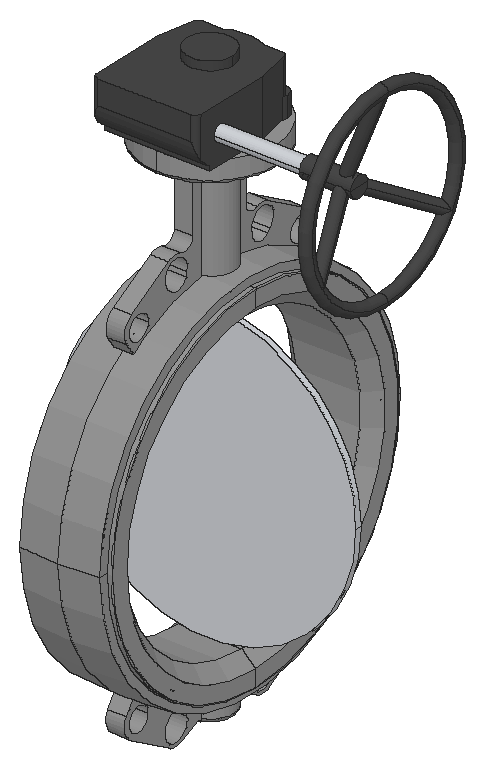
Revit family "Запорно-регулирующая заслонка с ручным редукторным приводом ZF-4219", category Rohrzubehör, Revit 2018
Family settings
  Bemaßung runder Anschluss = Durchmesser verwenden
  Teiletyp = Unterbricht
  Arbeitsebenenbasiert = Nein
  Immer vertikal = Ja
  Beim Laden mit Abzugskörper schneiden = Nein
  Gemeinsam genutzt = Nein
Parameters
  Шпиндель = "Нержавеющая сталь ASTM-A276 / Type 316"  # constant formula
  Фланцевое соединение = "В соответствии с EN1092-2"  # constant formula
  Уплотнение корпуса = "EPDM в соответствии с ISO 1691"  # constant formula
  Среда = "Качество теплоносителя в соответствии с ÖNORM H5195 и/или предписаниями VDI 2035.\r\nРазрешается использование смеси этилен или пропиленгликоля в соотношении 25-50% с водой."
  Область применения = "Применяются в системах тепло- и холодоснабжения."
  Номер заказа [instance] = size_lookup("4219_ZF_G", "Artnr", 1421901, Nennweite)  # 1421969
  Макс. рабочая температура = 110 °C  # constant formula
  Крутящий момент в Нм [instance] = size_lookup("4219_ZF_G", "NM", 350, Nennweite)  # 350
  Корпус = "Чугун GG, GJS-250/JL1040, в соответствии с EN1561"  # constant formula
  Диск = "Нержавеющая сталь 1.4408"  # constant formula
  Вес [instance] = size_lookup("4219_ZF_G", "M", 37.6, Nennweite)  # 37.6
  URL = "www.herz-armaturen.at"
  Болты PN16 [instance] = if(Nennweite = 50 mm, "4x M16x100", if(Nennweite = 65 mm, "4x M16x100", if(Nennweite = 80 mm, "8x M16x100", if(Nennweite = 100 mm, "8x M16x110", if(Nennweite = 125 mm, "8x M16x120", if(Nennweite = 150 mm, "8x M20x120", if(Nennweite = 200 mm, "12x M20x130", if(Nennweite = 250 mm, "12x M24x140", "12x M24x160"))))))))  # "12x M24x160"
  Болты PN 6 [instance] = if(Nennweite = 50 mm, "4x M12x100", if(Nennweite = 65 mm, "4x M12x100", if(Nennweite = 80 mm, "4x M16x100", if(Nennweite = 100 mm, "4x M16x100", if(Nennweite = 125 mm, "8x M16x110", if(Nennweite = 150 mm, "8x M16x110", if(Nennweite = 200 mm, "--", if(Nennweite = 250 mm, "12x M16x130", "12xM16x140"))))))))  # "12xM16x140"
  Болты PN10 [instance] = if(Nennweite = 50 mm, "4x M16x100", if(Nennweite = 65 mm, "4x M16x100", if(Nennweite = 80 mm, "4x M16x100", if(Nennweite = 100 mm, "4x M16x110", if(Nennweite = 125 mm, "8x M16x120", if(Nennweite = 150 mm, "8x M20x120", if(Nennweite = 200 mm, "8x M20x130", if(Nennweite = 250 mm, "12x M20x130", "12x M20x150"))))))))  # "12x M20x150"
  SCTWSEQ = "FW;SBT_TYP_FW=\"101\";2"
  SCTWCODE = "04;07;02"  # constant formula
  SCRNSEQ = "ARM;ARM_TYP=\"ALLF\";2"
  SCRNCODE = "05;13;02"  # constant formula
  R_Dichtung = 1.5 mm  # constant formula
  PN16 [instance] = or(Nennweite = 50 mm, Nennweite = 65 mm, Nennweite = 80 mm, Nennweite = 100 mm, Nennweite = 125 mm, Nennweite = 150 mm, Nennweite = 200 mm, Nennweite = 250 mm, Nennweite = 300 mm)  # yes
  PN10 [instance] = or(Nennweite = 50 mm, Nennweite = 65 mm, Nennweite = 80 mm, Nennweite = 100 mm, Nennweite = 125 mm, Nennweite = 150 mm, Nennweite = 200 mm, Nennweite = 250 mm, Nennweite = 300 mm)  # yes
  PN 6 [instance] = or(Nennweite = 50 mm, Nennweite = 65 mm, Nennweite = 80 mm, Nennweite = 100 mm, Nennweite = 125 mm, Nennweite = 150 mm, Nennweite = 250 mm, Nennweite = 300 mm)  # yes
  PN [instance] = 16  # constant formula
  O-Ring = "EPDM в соответствии с ISO 1691"  # constant formula
  Nennweite [instance] = 300 mm
  Мин. рабочая температура = "-20.00 °C при соответствующей водно-гликолевой смеси"  # constant formula
  LO1 [instance] = R05 + 10 mm  # 193 mm
  L16 [instance] = L01 - L13  # 299 mm
  L15 [instance] = L01 + L12  # 328 mm
  L14 [instance] = size_lookup("4219_ZF_G", "L_14", 44.4 mm, Nennweite)  # 89.4 mm
  L13 [instance] = size_lookup("4219_ZF_G", "L_13", 15 mm, Nennweite)  # 9 mm
  L12 [instance] = size_lookup("4219_ZF_G", "L_12", 15 mm, Nennweite)  # 20 mm
  L11 [instance] = size_lookup("4219_ZF_G", "L_11", 15 mm, Nennweite)  # 23 mm
  L10 [instance] = size_lookup("4219_ZF_G", "L_10", 16 mm, Nennweite)  # 16 mm
  L09 [instance] = size_lookup("4219_ZF_G", "L9", 29 mm, Nennweite)  # 61 mm
  L08 [instance] = size_lookup("4219_ZF_G", "L8", 43 mm, Nennweite)  # 78 mm
  L07 [instance] = size_lookup("4219_ZF_G", "L7", 3.5 mm, Nennweite)  # 4.5 mm
  L06 [instance] = size_lookup("4219_ZF_G", "L6", 18 mm, Nennweite)  # 44 mm
  L05 [instance] = size_lookup("4219_ZF_G", "L5", 35 mm, Nennweite)  # 67 mm
  L04 [instance] = size_lookup("4219_ZF_G", "L4", 35 mm, Nennweite)  # 17.5 mm
  L03 [instance] = size_lookup("4219_ZF_G", "L3", 35 mm, Nennweite)  # 207.5 mm
  L02 [instance] = size_lookup("4219_ZF_G", "L2", 35 mm, Nennweite)  # 122 mm
  L01 [instance] = size_lookup("4219_ZF_G", "L1", 35 mm, Nennweite)  # 308 mm
  Hersteller = "HERZ Armaturen Ges.m.b.H."  # constant formula
  H [instance] = size_lookup("4219_ZF_G", "H1", 9 mm, Nennweite)  # 22 mm
  DN300 [instance] = Nennweite = 300 mm  # yes
  DN250 [instance] = Nennweite = 250 mm  # no
  DN200 [instance] = Nennweite = 200 mm  # no
  DN150 [instance] = Nennweite = 150 mm  # no
  DN125 [instance] = Nennweite = 125 mm  # no
  DN100 [instance] = Nennweite = 100 mm  # no
  DN 80 [instance] = Nennweite = 80 mm  # no
  DN 65 [instance] = Nennweite = 65 mm  # no
  DN 50 [instance] = Nennweite = 50 mm  # no
  BD [instance] = size_lookup("4219_ZF_G", "DB", 24 mm, Nennweite)  # 290 mm
  D09 [instance] = size_lookup("4219_ZF_G", "D9", 24 mm, Nennweite)  # 145 mm
  D08 [instance] = size_lookup("4219_ZF_G", "D8", 47 mm, Nennweite)  # 18 mm
  D07 [instance] = size_lookup("4219_ZF_G", "D7", 47 mm, Nennweite)  # 37.5 mm
  D06 [instance] = size_lookup("4219_ZF_G", "D6", 47 mm, Nennweite)  # 65 mm
  R05 [instance] = size_lookup("4219_ZF_G", "D5", 47 mm, Nennweite)  # 183 mm
  D05 [instance] = R05 * 2  # 366 mm
  D04 [instance] = size_lookup("4219_ZF_G", "D4", 41 mm, Nennweite)  # 175 mm
  D03 [instance] = size_lookup("4219_ZF_G", "D3", 35.5 mm, Nennweite)  # 167.5 mm
  R01 [instance] = size_lookup("4219_ZF_G", "D1", 28 mm, Nennweite)  # 154.5 mm
  R02 [instance] = size_lookup("4219_ZF_G", "D2", 30 mm, Nennweite)  # 156.5 mm
Reference planes
  plane 1 "Mitte (Vorne/hinten)": y = 0
  plane 2: z = 0
  plane 3 "Mitte (Links/rechts)": x = 0
Forms (mm)
  Revolve 1, solid, material "Herz-Metall-blau", detail levels fine
    sketch origin (0, 0, 0) x (1, 0, 0) y (0, 1, 0)
      loop
        line (0, 185.241) -> (-39, 183) -> (-39, 175) -> (-30.5, 175) -> (-30.5, 167.5) -> (-32, 167.5)
        arc (-32, 167.5) -> (-33.061, 167.061) -> (-33.5, 166) r 1.5
        line (-33.5, 166) -> (-33.5, 156.824)
        arc (-33.5, 156.824) -> (-33.229, 155.964) -> (-32.513, 155.415) r 1.5
        line (-32.513, 155.415) -> (-29, 154.5) -> (-22, 154.5) -> (-22, 156.5) -> (22, 156.5) -> (22, 154.5) -> (29, 154.5) -> (32.513, 155.415)
        arc (32.513, 155.415) -> (33.229, 155.964) -> (33.5, 156.824) r 1.5
        line (33.5, 156.824) -> (33.5, 166)
        arc (33.5, 166) -> (33.061, 167.061) -> (32, 167.5) r 1.5
        line (32, 167.5) -> (30.5, 167.5) -> (30.5, 175) -> (39, 175) -> (39, 183) -> (0, 185.241)
      axis (39, 0) -> (-39, 0)
    angle from 0 to 360
  Extrusion 2, solid, material "Herz-Metall-blau", visible <- "DN 50", detail levels fine
    sketch origin (0, 0, 0) x (0, 1, 0) y (0, 0, 1)
      loop
        line (20, 54.051) -> (20.008, 111.113) -> (16.897, 110.952)
        arc (16.897, 110.952) -> (15.55, 110.331) -> (15, 108.954) r 2
        line (15, 108.954) -> (15, 44.542)
        arc (15, 44.542) -> (31.465, 34.913) -> (42.748, 19.534) r 47
        arc (42.748, 19.534) -> (42.633, 20.873) -> (43.392, 21.983) r 2
        line (43.392, 21.983) -> (54.714, 30.209)
        arc (54.714, 30.209) -> (56.569, 56.569) -> (30.209, 54.714) r 17.5
        line (30.209, 54.714) -> (27.87, 51.494)
        arc (27.87, 51.494) -> (23.006, 49.914) -> (20, 54.051) r 4.35
      loop
        arc (32.065, 41.998) -> (33.588, 33.588) -> (41.998, 32.065) r 7.5
        line (41.998, 32.065) -> (48.502, 35.17)
        arc (48.502, 35.17) -> (51.265, 51.265) -> (35.17, 48.502) r 10
        line (35.17, 48.502) -> (32.065, 41.998)
      loop
        arc (-20, 54.051) -> (-23.006, 49.914) -> (-27.87, 51.494) r 4.35
        line (-27.87, 51.494) -> (-30.209, 54.714)
        arc (-30.209, 54.714) -> (-56.569, 56.569) -> (-54.714, 30.209) r 17.5
        line (-54.714, 30.209) -> (-43.392, 21.983)
        arc (-43.392, 21.983) -> (-42.633, 20.873) -> (-42.748, 19.534) r 2
        arc (-42.748, 19.534) -> (-31.465, 34.913) -> (-15, 44.542) r 47
        line (-15, 44.542) -> (-15, 108.954)
        arc (-15, 108.954) -> (-15.55, 110.331) -> (-16.897, 110.952) r 2
        line (-16.897, 110.952) -> (-20.008, 111.113) -> (-20, 54.051)
      loop
        line (-32.065, 41.998) -> (-35.17, 48.502)
        arc (-35.17, 48.502) -> (-51.265, 51.265) -> (-48.502, 35.17) r 10
        line (-48.502, 35.17) -> (-41.998, 32.065)
        arc (-41.998, 32.065) -> (-33.588, 33.588) -> (-32.065, 41.998) r 7.5
      loop
        line (32.065, -41.998) -> (35.17, -48.502)
        arc (35.17, -48.502) -> (51.265, -51.265) -> (48.502, -35.17) r 10
        line (48.502, -35.17) -> (41.998, -32.065)
        arc (41.998, -32.065) -> (33.588, -33.588) -> (32.065, -41.998) r 7.5
      loop
        line (54.714, -30.209) -> (43.392, -21.983)
        arc (43.392, -21.983) -> (42.633, -20.873) -> (42.748, -19.534) r 2
        arc (42.748, -19.534) -> (33.234, -33.234) -> (19.534, -42.748) r 47
        arc (19.534, -42.748) -> (20.873, -42.633) -> (21.983, -43.392) r 2
        line (21.983, -43.392) -> (30.209, -54.714)
        arc (30.209, -54.714) -> (56.569, -56.569) -> (54.714, -30.209) r 17.5
      loop
        arc (-32.065, -41.998) -> (-33.588, -33.588) -> (-41.998, -32.065) r 7.5
        line (-41.998, -32.065) -> (-48.502, -35.17)
        arc (-48.502, -35.17) -> (-51.265, -51.265) -> (-35.17, -48.502) r 10
        line (-35.17, -48.502) -> (-32.065, -41.998)
      loop
        arc (-54.714, -30.209) -> (-56.569, -56.569) -> (-30.209, -54.714) r 17.5
        line (-30.209, -54.714) -> (-21.983, -43.392)
        arc (-21.983, -43.392) -> (-20.873, -42.633) -> (-19.534, -42.748) r 2
        arc (-19.534, -42.748) -> (-33.234, -33.234) -> (-42.748, -19.534) r 47
        arc (-42.748, -19.534) -> (-42.633, -20.873) -> (-43.392, -21.983) r 2
        line (-43.392, -21.983) -> (-54.714, -30.209)
    from -4.5 to 4.5
  Extrusion 3, solid, material "Herz-Metall-blau", visible <- "DN 65", detail levels fine
    sketch origin (0, 0, 0) x (0, 1, 0) y (0, 0, 1)
      loop
        arc (51.659, 21.619) -> (51.541, 22.778) -> (52.089, 23.805) r 2
        line (52.089, 23.805) -> (65.407, 37.123)
        arc (65.407, 37.123) -> (65.407, 65.407) -> (37.123, 65.407) r 20
        line (37.123, 65.407) -> (29.414, 57.699)
        arc (29.414, 57.699) -> (27.235, 57.265) -> (26, 59.113) r 2
        line (26, 59.113) -> (26, 136.154) -> (19.897, 135.838)
        arc (19.897, 135.838) -> (18.55, 135.218) -> (18, 133.841) r 2
        line (18, 133.841) -> (18, 53.028)
        arc (18, 53.028) -> (38.206, 40.942) -> (51.659, 21.619) r 56
      loop
        arc (55.637, 42.831) -> (57.983, 57.983) -> (42.831, 55.637) r 9.5
        line (42.831, 55.637) -> (39.647, 48.983)
        arc (39.647, 48.983) -> (41.012, 41.012) -> (48.983, 39.647) r 7
        line (48.983, 39.647) -> (55.637, 42.831)
      loop
        arc (51.659, -21.619) -> (39.598, -39.598) -> (21.619, -51.659) r 56
        arc (21.619, -51.659) -> (22.778, -51.541) -> (23.805, -52.089) r 2
        line (23.805, -52.089) -> (37.123, -65.407)
        arc (37.123, -65.407) -> (65.407, -65.407) -> (65.407, -37.123) r 20
        line (65.407, -37.123) -> (52.089, -23.805)
        arc (52.089, -23.805) -> (51.541, -22.778) -> (51.659, -21.619) r 2
      loop
        line (55.637, -42.831) -> (48.983, -39.647)
        arc (48.983, -39.647) -> (41.012, -41.012) -> (39.647, -48.983) r 7
        line (39.647, -48.983) -> (42.831, -55.637)
        arc (42.831, -55.637) -> (57.983, -57.983) -> (55.637, -42.831) r 9.5
      loop
        arc (-51.659, -21.619) -> (-51.541, -22.778) -> (-52.089, -23.805) r 2
        line (-52.089, -23.805) -> (-65.407, -37.123)
        arc (-65.407, -37.123) -> (-65.407, -65.407) -> (-37.123, -65.407) r 20
        line (-37.123, -65.407) -> (-23.805, -52.089)
        arc (-23.805, -52.089) -> (-22.778, -51.541) -> (-21.619, -51.659) r 2
        arc (-21.619, -51.659) -> (-39.598, -39.598) -> (-51.659, -21.619) r 56
      loop
        arc (-55.637, -42.831) -> (-57.983, -57.983) -> (-42.831, -55.637) r 9.5
        line (-42.831, -55.637) -> (-39.647, -48.983)
        arc (-39.647, -48.983) -> (-41.012, -41.012) -> (-48.983, -39.647) r 7
        line (-48.983, -39.647) -> (-55.637, -42.831)
      loop
        arc (-51.659, 21.619) -> (-38.206, 40.942) -> (-18, 53.028) r 56
        line (-18, 53.028) -> (-18, 133.838)
        arc (-18, 133.838) -> (-18.55, 135.215) -> (-19.897, 135.835) r 2
        line (-19.897, 135.835) -> (-26, 136.151) -> (-26, 59.113)
        arc (-26, 59.113) -> (-27.235, 57.265) -> (-29.414, 57.699) r 2
        line (-29.414, 57.699) -> (-37.123, 65.407)
        arc (-37.123, 65.407) -> (-65.407, 65.407) -> (-65.407, 37.123) r 20
        line (-65.407, 37.123) -> (-52.089, 23.805)
        arc (-52.089, 23.805) -> (-51.541, 22.778) -> (-51.659, 21.619) r 2
      loop
        line (-55.637, 42.831) -> (-48.983, 39.647)
        arc (-48.983, 39.647) -> (-41.012, 41.012) -> (-39.647, 48.983) r 7
        line (-39.647, 48.983) -> (-42.831, 55.637)
        arc (-42.831, 55.637) -> (-57.983, 57.983) -> (-55.637, 42.831) r 9.5
    from -4.5 to 4.5
  Extrusion 4, solid, material "Herz-Metall-blau", visible <- "DN 80", detail levels fine
    sketch origin (0, 0, 0) x (0, 1, 0) y (0, 0, 1)
      loop
        line (26, 143.161) -> (20.397, 142.871)
        arc (20.397, 142.871) -> (19.05, 142.251) -> (18.5, 140.874) r 2
        line (18.5, 140.874) -> (18.5, 62.833)
        arc (18.5, 62.833) -> (41.296, 50.842) -> (57.706, 30.989) r 65.5
        arc (57.706, 30.989) -> (57.482, 32.176) -> (57.983, 33.275) r 2
        line (57.983, 33.275) -> (67.23, 43.52)
        arc (67.23, 43.52) -> (70.328, 54.798) -> (65.407, 65.407) r 17
        line (65.407, 65.407) -> (42.005, 86.53)
        arc (42.005, 86.53) -> (37.832, 89.302) -> (33.031, 90.738) r 17
        arc (33.031, 90.738) -> (27.974, 93.895) -> (26, 99.52) r 9
        line (26, 99.52) -> (26, 143.161)
      loop
        circle (30.615, 73.91) r 9.5
      loop
        circle (53.387, 53.387) r 9.5
      loop
        arc (57.706, -30.989) -> (41.296, -50.842) -> (18.5, -62.833) r 65.5
        line (18.5, -62.833) -> (18.5, -85.837)
        arc (18.5, -85.837) -> (30.113, -90.903) -> (42.005, -86.53) r 17
        line (42.005, -86.53) -> (65.407, -65.407)
        arc (65.407, -65.407) -> (70.328, -54.798) -> (67.23, -43.52) r 17
        line (67.23, -43.52) -> (57.983, -33.275)
        arc (57.983, -33.275) -> (57.482, -32.176) -> (57.706, -30.989) r 2
      loop
        circle (30.615, -73.91) r 9.5
      loop
        circle (53.387, -53.387) r 9.5
      loop
        arc (-57.706, -30.989) -> (-57.482, -32.176) -> (-57.983, -33.275) r 2
        line (-57.983, -33.275) -> (-67.23, -43.52)
        arc (-67.23, -43.52) -> (-70.328, -54.798) -> (-65.407, -65.407) r 17
        line (-65.407, -65.407) -> (-42.005, -86.53)
        arc (-42.005, -86.53) -> (-30.113, -90.903) -> (-18.5, -85.837) r 17
        line (-18.5, -85.837) -> (-18.5, -62.833)
        arc (-18.5, -62.833) -> (-41.296, -50.842) -> (-57.706, -30.989) r 65.5
      loop
        circle (-30.615, -73.91) r 9.5
      loop
        circle (-53.387, -53.387) r 9.5
      loop
        line (-26, 143.179) -> (-26, 99.52)
        arc (-26, 99.52) -> (-27.974, 93.895) -> (-33.031, 90.738) r 9
        arc (-33.031, 90.738) -> (-37.832, 89.302) -> (-42.005, 86.53) r 17
        line (-42.005, 86.53) -> (-65.407, 65.407)
        arc (-65.407, 65.407) -> (-70.328, 54.798) -> (-67.23, 43.52) r 17
        line (-67.23, 43.52) -> (-57.983, 33.275)
        arc (-57.983, 33.275) -> (-57.482, 32.176) -> (-57.706, 30.989) r 2
        arc (-57.706, 30.989) -> (-41.296, 50.842) -> (-18.5, 62.833) r 65.5
        line (-18.5, 62.833) -> (-18.5, 140.891)
        arc (-18.5, 140.891) -> (-19.05, 142.268) -> (-20.397, 142.888) r 2
        line (-20.397, 142.888) -> (-26, 143.179)
      loop
        circle (-30.615, 73.91) r 9.5
      loop
        circle (-53.387, 53.387) r 9.5
    from -4.5 to 4.5
  Extrusion 5, solid, material "Herz-Metall-blau", visible <- "DN100", detail levels fine
    sketch origin (0, 0, 0) x (0, 1, 0) y (0, 0, 1)
      loop
        line (64.131, 38.887) -> (73.681, 49.873)
        arc (73.681, 49.873) -> (77.063, 61.29) -> (72.125, 72.125) r 17
        line (72.125, 72.125) -> (45.809, 95.79)
        arc (45.809, 95.79) -> (41.366, 98.675) -> (36.25, 100.053) r 17
        arc (36.25, 100.053) -> (28.882, 104.596) -> (26, 112.759) r 13
        line (26, 112.759) -> (26, 166.173) -> (20.397, 165.883)
        arc (20.397, 165.883) -> (19.05, 165.263) -> (18.5, 163.886) r 2
        line (18.5, 163.886) -> (18.5, 72.683)
        arc (18.5, 72.683) -> (44.637, 60.27) -> (64.131, 38.887) r 75
      loop
        circle (60.104, 60.104) r 9.5
      loop
        circle (34.442, 83.149) r 9.5
      loop
        arc (64.131, -38.887) -> (44.637, -60.27) -> (18.5, -72.683) r 75
        line (18.5, -72.683) -> (18.5, -95.329)
        arc (18.5, -95.329) -> (21.473, -95.603) -> (24.233, -96.743) r 10
        arc (24.233, -96.743) -> (35.191, -100.133) -> (45.809, -95.79) r 17
        line (45.809, -95.79) -> (72.125, -72.125)
        arc (72.125, -72.125) -> (77.063, -61.29) -> (73.681, -49.873) r 17
        line (73.681, -49.873) -> (64.131, -38.887)
      loop
        circle (60.104, -60.104) r 9.5
      loop
        circle (34.442, -83.149) r 9.5
      loop
        line (-64.131, -38.887) -> (-73.681, -49.873)
        arc (-73.681, -49.873) -> (-77.063, -61.29) -> (-72.125, -72.125) r 17
        line (-72.125, -72.125) -> (-45.809, -95.79)
        arc (-45.809, -95.79) -> (-35.191, -100.133) -> (-24.233, -96.743) r 17
        arc (-24.233, -96.743) -> (-21.473, -95.603) -> (-18.5, -95.329) r 10
        line (-18.5, -95.329) -> (-18.5, -72.683)
        arc (-18.5, -72.683) -> (-44.637, -60.27) -> (-64.131, -38.887) r 75
      loop
        circle (-60.104, -60.104) r 9.5
      loop
        circle (-34.442, -83.149) r 9.5
      loop
        arc (-64.131, 38.887) -> (-44.637, 60.27) -> (-18.5, 72.683) r 75
        line (-18.5, 72.683) -> (-18.5, 163.876)
        arc (-18.5, 163.876) -> (-19.05, 165.253) -> (-20.397, 165.873) r 2
        line (-20.397, 165.873) -> (-26, 166.164) -> (-26, 112.759)
        arc (-26, 112.759) -> (-28.882, 104.596) -> (-36.25, 100.053) r 13
        arc (-36.25, 100.053) -> (-41.366, 98.675) -> (-45.809, 95.79) r 17
        line (-45.809, 95.79) -> (-72.125, 72.125)
        arc (-72.125, 72.125) -> (-77.063, 61.29) -> (-73.681, 49.873) r 17
        line (-73.681, 49.873) -> (-64.131, 38.887)
      loop
        circle (-60.104, 60.104) r 9.5
      loop
        circle (-34.442, 83.149) r 9.5
    from -4.5 to 4.5
  Extrusion 6, solid, material "Herz-Metall-blau", visible <- "DN125", detail levels fine
    sketch origin (0, 0, 0) x (0, 1, 0) y (0, 0, 1)
      loop
        arc (75.229, 48.945) -> (74.917, 50.244) -> (75.492, 51.45) r 2
        line (75.492, 51.45) -> (82.731, 58.69)
        arc (82.731, 58.69) -> (87.711, 70.711) -> (82.731, 82.731) r 17
        line (82.731, 82.731) -> (51.291, 109.875)
        arc (51.291, 109.875) -> (46.108, 112.941) -> (40.182, 114.007) r 17
        line (40.182, 114.007) -> (38, 114.007)
        arc (38, 114.007) -> (29.515, 117.522) -> (26, 126.007) r 12
        line (26, 126.007) -> (26, 185.157) -> (20.397, 184.867)
        arc (20.397, 184.867) -> (19.05, 184.246) -> (18.5, 182.869) r 2
        line (18.5, 182.869) -> (18.5, 87.823)
        arc (18.5, 87.823) -> (50.736, 74.033) -> (75.229, 48.945) r 89.75
      loop
        circle (40.182, 97.007) r 9.5
      loop
        circle (70.711, 70.711) r 9.5
      loop
        arc (75.229, -48.945) -> (50.736, -74.033) -> (18.5, -87.823) r 89.75
        line (18.5, -87.823) -> (18.5, -108.431)
        arc (18.5, -108.431) -> (24.248, -107.655) -> (29.46, -110.2) r 10
        arc (29.46, -110.2) -> (40.434, -114.005) -> (51.291, -109.875) r 17
        line (51.291, -109.875) -> (82.731, -82.731)
        arc (82.731, -82.731) -> (87.711, -70.711) -> (82.731, -58.69) r 17
        line (82.731, -58.69) -> (75.492, -51.45)
        arc (75.492, -51.45) -> (74.917, -50.244) -> (75.229, -48.945) r 2
      loop
        circle (40.182, -97.007) r 9.5
      loop
        circle (70.711, -70.711) r 9.5
      loop
        arc (-75.229, -48.945) -> (-74.917, -50.244) -> (-75.492, -51.45) r 2
        line (-75.492, -51.45) -> (-82.731, -58.69)
        arc (-82.731, -58.69) -> (-87.711, -70.711) -> (-82.731, -82.731) r 17
        line (-82.731, -82.731) -> (-51.291, -109.875)
        arc (-51.291, -109.875) -> (-40.434, -114.005) -> (-29.46, -110.2) r 17
        arc (-29.46, -110.2) -> (-24.248, -107.655) -> (-18.5, -108.431) r 10
        line (-18.5, -108.431) -> (-18.5, -87.823)
        arc (-18.5, -87.823) -> (-50.736, -74.033) -> (-75.229, -48.945) r 89.75
      loop
        circle (-40.182, -97.007) r 9.5
      loop
        circle (-70.711, -70.711) r 9.5
      loop
        arc (-75.229, 48.945) -> (-50.736, 74.033) -> (-18.5, 87.823) r 89.75
        line (-18.5, 87.823) -> (-18.5, 182.852)
        arc (-18.5, 182.852) -> (-19.05, 184.23) -> (-20.397, 184.85) r 2
        line (-20.397, 184.85) -> (-26, 185.14) -> (-26, 126.007)
        arc (-26, 126.007) -> (-29.515, 117.522) -> (-38, 114.007) r 12
        line (-38, 114.007) -> (-40.182, 114.007)
        arc (-40.182, 114.007) -> (-46.108, 112.941) -> (-51.291, 109.875) r 17
        line (-51.291, 109.875) -> (-82.731, 82.731)
        arc (-82.731, 82.731) -> (-87.711, 70.711) -> (-82.731, 58.69) r 17
        line (-82.731, 58.69) -> (-75.492, 51.45)
        arc (-75.492, 51.45) -> (-74.917, 50.244) -> (-75.229, 48.945) r 2
      loop
        circle (-40.182, 97.007) r 9.5
      loop
        circle (-70.711, 70.711) r 9.5
    from -6 to 6
  Extrusion 7, solid, material "Herz-Metall-blau", visible <- "DN150", detail levels fine
    sketch origin (0, 0, 0) x (0, 1, 0) y (0, 0, 1)
      loop
        line (83.495, 59.454) -> (91.57, 67.529)
        arc (91.57, 67.529) -> (96.55, 79.55) -> (91.57, 91.57) r 17
        line (91.57, 91.57) -> (57.511, 123.304)
        arc (57.511, 123.304) -> (45.758, 127.865) -> (34.095, 123.077) r 17
        arc (34.095, 123.077) -> (28.976, 122.416) -> (26, 126.633) r 5
        line (26, 126.633) -> (26, 198.177) -> (20.397, 197.887)
        arc (20.397, 197.887) -> (19.05, 197.267) -> (18.5, 195.889) r 2
        line (18.5, 195.889) -> (18.5, 100.817)
        arc (18.5, 100.817) -> (55.032, 86.474) -> (83.495, 59.454) r 102.5
      loop
        circle (45.922, 110.866) r 11.5
      loop
        circle (79.55, 79.55) r 9.5
      loop
        circle (45.922, -110.866) r 11.5
      loop
        circle (79.55, -79.55) r 9.5
      loop
        line (91.57, -67.529) -> (83.495, -59.454)
        arc (83.495, -59.454) -> (55.032, -86.474) -> (18.5, -100.817) r 102.5
        line (18.5, -100.817) -> (18.5, -123.208)
        arc (18.5, -123.208) -> (19.363, -121.755) -> (21.03, -121.482) r 2
        line (21.03, -121.482) -> (42.642, -127.546)
        arc (42.642, -127.546) -> (50.587, -127.213) -> (57.511, -123.304) r 17
        line (57.511, -123.304) -> (91.57, -91.57)
        arc (91.57, -91.57) -> (96.55, -79.55) -> (91.57, -67.529) r 17
      loop
        arc (-83.495, 59.454) -> (-55.032, 86.474) -> (-18.5, 100.817) r 102.5
        line (-18.5, 100.817) -> (-18.5, 195.875)
        arc (-18.5, 195.875) -> (-19.05, 197.252) -> (-20.397, 197.872) r 2
        line (-20.397, 197.872) -> (-26, 198.163) -> (-26, 126.633)
        arc (-26, 126.633) -> (-28.976, 122.416) -> (-34.095, 123.077) r 5
        arc (-34.095, 123.077) -> (-45.758, 127.865) -> (-57.511, 123.304) r 17
        line (-57.511, 123.304) -> (-91.57, 91.57)
        arc (-91.57, 91.57) -> (-96.55, 79.55) -> (-91.57, 67.529) r 17
        line (-91.57, 67.529) -> (-83.495, 59.454)
      loop
        circle (-45.922, 110.866) r 11.5
      loop
        circle (-79.55, 79.55) r 9.5
      loop
        circle (-45.922, -110.866) r 11.5
      loop
        circle (-79.55, -79.55) r 9.5
      loop
        arc (-91.57, -67.529) -> (-96.55, -79.55) -> (-91.57, -91.57) r 17
        line (-91.57, -91.57) -> (-57.511, -123.304)
        arc (-57.511, -123.304) -> (-50.587, -127.213) -> (-42.642, -127.546) r 17
        line (-42.642, -127.546) -> (-21.03, -121.482)
        arc (-21.03, -121.482) -> (-19.363, -121.755) -> (-18.5, -123.208) r 2
        line (-18.5, -123.208) -> (-18.5, -100.817)
        arc (-18.5, -100.817) -> (-55.032, -86.474) -> (-83.495, -59.454) r 102.5
        line (-83.495, -59.454) -> (-91.57, -67.529)
    from -7 to 7
  Extrusion 8, solid, material "Herz-Metall-blau", visible <- "DN200", detail levels fine
    sketch origin (0, 0, 0) x (0, 1, 0) y (0, 0, 1)
      loop
        arc (42.048, 153.832) -> (26.654, 145.827) -> (35.349, 130.812) r 12
        line (35.349, 130.812) -> (53.31, 124.689)
        arc (53.31, 124.689) -> (67.804, 132.4) -> (61.038, 147.359) r 12
        line (61.038, 147.359) -> (42.048, 153.832)
      loop
        line (28, 226.273) -> (22.065, 226.047)
        arc (22.065, 226.047) -> (20.655, 225.469) -> (20, 224.092) r 2.114
        line (20, 224.092) -> (20, 129.471)
        arc (20, 129.471) -> (49.604, 121.273) -> (76.485, 106.406) r 130.989
        line (76.485, 106.406) -> (76.485, 136.265)
        arc (76.485, 136.265) -> (73.108, 147.391) -> (64.117, 154.764) r 20.019
        line (64.117, 154.764) -> (38.16, 163.592)
        arc (38.16, 163.592) -> (30.802, 169.06) -> (28, 177.79) r 15
        line (28, 177.79) -> (28, 226.273)
      loop
        line (42.048, -153.832) -> (61.038, -147.359)
        arc (61.038, -147.359) -> (67.804, -132.4) -> (53.31, -124.689) r 12
        line (53.31, -124.689) -> (35.349, -130.812)
        arc (35.349, -130.812) -> (26.654, -145.827) -> (42.048, -153.832) r 12
      loop
        arc (76.446, -106.382) -> (49.585, -121.253) -> (20, -129.464) r 131
        line (20, -129.464) -> (20, -141.835)
        arc (20, -141.835) -> (28.361, -158.099) -> (46.453, -160.765) r 20
        line (46.453, -160.765) -> (64.099, -154.75)
        arc (64.099, -154.75) -> (73.075, -147.384) -> (76.446, -136.272) r 20
        line (76.446, -136.272) -> (76.446, -106.382)
      loop
        arc (-42.048, -153.832) -> (-26.654, -145.827) -> (-35.349, -130.812) r 12
        line (-35.349, -130.812) -> (-53.31, -124.689)
        arc (-53.31, -124.689) -> (-67.804, -132.4) -> (-61.038, -147.359) r 12
        line (-61.038, -147.359) -> (-42.048, -153.832)
      loop
        line (-76.446, -106.382) -> (-76.446, -136.272)
        arc (-76.446, -136.272) -> (-73.075, -147.384) -> (-64.099, -154.75) r 20
        line (-64.099, -154.75) -> (-46.453, -160.765)
        arc (-46.453, -160.765) -> (-28.361, -158.099) -> (-20, -141.835) r 20
        line (-20, -141.835) -> (-20, -129.464)
        arc (-20, -129.464) -> (-49.585, -121.253) -> (-76.446, -106.382) r 131
      loop
        line (-42.048, 153.832) -> (-61.038, 147.359)
        arc (-61.038, 147.359) -> (-67.804, 132.4) -> (-53.31, 124.689) r 12
        line (-53.31, 124.689) -> (-35.349, 130.812)
        arc (-35.349, 130.812) -> (-26.654, 145.827) -> (-42.048, 153.832) r 12
      loop
        line (-28, 226.278) -> (-28, 177.79)
        arc (-28, 177.79) -> (-30.802, 169.06) -> (-38.16, 163.592) r 15
        line (-38.16, 163.592) -> (-64.117, 154.764)
        arc (-64.117, 154.764) -> (-73.108, 147.391) -> (-76.485, 136.265) r 20.019
        line (-76.485, 136.265) -> (-76.485, 106.406)
        arc (-76.485, 106.406) -> (-49.604, 121.273) -> (-20, 129.471) r 130.989
        line (-20, 129.471) -> (-20, 224.098)
        arc (-20, 224.098) -> (-20.655, 225.475) -> (-22.065, 226.053) r 2.114
        line (-22.065, 226.053) -> (-28, 226.278)
    from -7 to 7
  Extrusion 9, solid, material "Herz-Metall-blau", visible <- "DN250", detail levels fine
    sketch origin (0, 0, 0) x (0, 1, 0) y (0, 0, 1)
      loop
        arc (-95.9, 125.382) -> (-61.406, 145.382) -> (-23, 156.095) r 157.75
        line (-23, 156.095) -> (-23, 258.814)
        arc (-23, 258.814) -> (-23.588, 260.113) -> (-24.893, 260.69) r 2
        line (-24.893, 260.69) -> (-32, 261.058) -> (-32, 187.712)
        arc (-32, 187.712) -> (-33.507, 185.205) -> (-36.428, 185.359) r 2.84
        arc (-36.428, 185.359) -> (-43.951, 188.152) -> (-51.918, 187.184) r 17
        line (-51.918, 187.184) -> (-97.072, 155.872)
        arc (-97.072, 155.872) -> (-100.207, 149.167) -> (-100.195, 141.765) r 17
        line (-100.195, 141.765) -> (-95.9, 125.382)
      loop
        circle (-83.608, 145.492) r 9.5
      loop
        circle (-45.549, 171.269) r 14
      loop
        arc (96.192, -125.349) -> (61.575, -145.51) -> (23, -156.317) r 157.999
        line (23, -156.317) -> (23, -181.388) -> (27.217, -181.388)
        arc (27.217, -181.388) -> (30.142, -181.826) -> (32.812, -183.1) r 10
        line (32.812, -183.1) -> (36.428, -185.542)
        arc (36.428, -185.542) -> (44.468, -188.388) -> (52.878, -186.972) r 17
        line (52.878, -186.972) -> (97.463, -155.872)
        arc (97.463, -155.872) -> (100.598, -149.167) -> (100.586, -141.765) r 17
        line (100.586, -141.765) -> (96.192, -125.349)
      loop
        circle (84, -145.492) r 9.5
      loop
        circle (45.94, -171.452) r 14
      loop
        line (-96.192, -125.349) -> (-100.586, -141.765)
        arc (-100.586, -141.765) -> (-100.598, -149.167) -> (-97.463, -155.872) r 17
        line (-97.463, -155.872) -> (-52.878, -186.972)
        arc (-52.878, -186.972) -> (-44.468, -188.388) -> (-36.428, -185.542) r 17
        line (-36.428, -185.542) -> (-32.812, -183.1)
        arc (-32.812, -183.1) -> (-30.142, -181.826) -> (-27.217, -181.388) r 10
        line (-27.217, -181.388) -> (-23, -181.388) -> (-23, -156.317)
        arc (-23, -156.317) -> (-61.575, -145.51) -> (-96.192, -125.349) r 157.999
      loop
        circle (-84, -145.492) r 9.5
      loop
        circle (-45.94, -171.452) r 14
      loop
        line (95.9, 125.2) -> (100.195, 141.582)
        arc (100.195, 141.582) -> (100.207, 148.984) -> (97.072, 155.689) r 17
        line (97.072, 155.689) -> (51.919, 187.036)
        arc (51.919, 187.036) -> (43.952, 188.006) -> (36.428, 185.212) r 17
        arc (36.428, 185.212) -> (33.507, 185.058) -> (32, 187.566) r 2.84
        line (32, 187.566) -> (32, 261.045) -> (24.893, 260.677)
        arc (24.893, 260.677) -> (23.588, 260.1) -> (23, 258.801) r 2
        line (23, 258.801) -> (23, 155.948)
        arc (23, 155.948) -> (61.411, 145.223) -> (95.9, 125.2) r 157.605
      loop
        circle (83.608, 145.31) r 9.5
      loop
        circle (45.549, 171.122) r 14
    from -9 to 9
  Extrusion 10, solid, material "Herz-Metall-blau", visible <- "DN300", detail levels fine
    sketch origin (0, 0, 0) x (0, 1, 0) y (0, 0, 1)
      loop
        arc (62.57, 187.834) -> (56.268, 211.23) -> (39.112, 194.12) r 14
        line (39.112, 194.12) -> (40.223, 189.928)
        arc (40.223, 189.928) -> (48.374, 181.769) -> (59.504, 184.767) r 11.5
        line (59.504, 184.767) -> (62.57, 187.834)
      loop
        circle (98.337, 170.892) r 12
      loop
        arc (113.094, 162.454) -> (114.748, 175.326) -> (106.837, 185.615) r 17
        line (106.837, 185.615) -> (61.701, 211.919)
        arc (61.701, 211.919) -> (54.44, 214.463) -> (46.806, 213.516) r 16.852
        arc (46.806, 213.516) -> (36.904, 213.681) -> (32, 222.285) r 10
        line (32, 222.285) -> (32, 286.38) -> (24.895, 286.033)
        arc (24.895, 286.033) -> (23.576, 285.442) -> (23, 284.117) r 2
        line (23, 284.117) -> (23, 181.202)
        arc (23, 181.202) -> (65.613, 170.505) -> (104.437, 149.94) r 182.63
        line (104.437, 149.94) -> (113.094, 162.454)
      loop
        line (62.984, -188.142) -> (59.917, -185.075)
        arc (59.917, -185.075) -> (48.787, -182.077) -> (40.637, -190.235) r 11.5
        line (40.637, -190.235) -> (39.525, -194.427)
        arc (39.525, -194.427) -> (56.681, -211.538) -> (62.984, -188.142) r 14
      loop
        circle (98.75, -171.04) r 12
      loop
        line (113.508, -162.601) -> (104.75, -150.055)
        arc (104.75, -150.055) -> (65.787, -170.766) -> (23, -181.549) r 183
        line (23, -181.549) -> (23, -206.327)
        arc (23, -206.327) -> (24.157, -204.218) -> (26.558, -204.062) r 2.5
        line (26.558, -204.062) -> (45.918, -213.443)
        arc (45.918, -213.443) -> (53.906, -214.994) -> (61.701, -212.654) r 17
        line (61.701, -212.654) -> (107.25, -185.762)
        arc (107.25, -185.762) -> (115.162, -175.474) -> (113.508, -162.601) r 17
      loop
        arc (-62.984, -188.142) -> (-56.681, -211.538) -> (-39.525, -194.427) r 14
        line (-39.525, -194.427) -> (-40.637, -190.235)
        arc (-40.637, -190.235) -> (-48.787, -182.077) -> (-59.917, -185.075) r 11.5
        line (-59.917, -185.075) -> (-62.984, -188.142)
      loop
        circle (-98.75, -171.04) r 12
      loop
        arc (-113.508, -162.601) -> (-115.162, -175.474) -> (-107.25, -185.762) r 17
        line (-107.25, -185.762) -> (-61.701, -212.654)
        arc (-61.701, -212.654) -> (-53.906, -214.994) -> (-45.918, -213.443) r 17
        line (-45.918, -213.443) -> (-26.558, -204.062)
        arc (-26.558, -204.062) -> (-24.157, -204.218) -> (-23, -206.327) r 2.5
        line (-23, -206.327) -> (-23, -181.549)
        arc (-23, -181.549) -> (-65.787, -170.766) -> (-104.75, -150.055) r 183
        line (-104.75, -150.055) -> (-113.508, -162.601)
      loop
        line (-62.574, 188.142) -> (-59.508, 185.075)
        arc (-59.508, 185.075) -> (-48.378, 182.077) -> (-40.227, 190.235) r 11.5
        line (-40.227, 190.235) -> (-39.116, 194.427)
        arc (-39.116, 194.427) -> (-56.272, 211.538) -> (-62.574, 188.142) r 14
      loop
        circle (-98.34, 171.04) r 12
      loop
        line (-113.098, 162.601) -> (-104.44, 150.087)
        arc (-104.44, 150.087) -> (-65.611, 170.637) -> (-23, 181.326) r 182.753
        line (-23, 181.326) -> (-23, 284.115)
        arc (-23, 284.115) -> (-23.577, 285.441) -> (-24.896, 286.032) r 2
        line (-24.896, 286.032) -> (-32, 286.379) -> (-32, 222.593)
        arc (-32, 222.593) -> (-37.217, 213.811) -> (-47.425, 214.193) r 10
        arc (-47.425, 214.193) -> (-54.523, 214.911) -> (-61.291, 212.654) r 17
        line (-61.291, 212.654) -> (-106.84, 185.762)
        arc (-106.84, 185.762) -> (-114.752, 175.474) -> (-113.098, 162.601) r 17
    from -9 to 9
  Revolve 11, solid, material "Herz-Metall-blau"
    sketch origin (0, 0, 0) x (0, 1, 0) y (0, 0, 1)
      loop
        line (0, -183) -> (0, -207.5) -> (20, -207.5)
        arc (20, -207.5) -> (22.121, -206.621) -> (23, -204.5) r 3
        line (23, -204.5) -> (23, -181.549)
        arc (23, -181.549) -> (11.523, -182.637) -> (0, -183) r 183
      axis (0, -181.549) -> (0, -207.5)
    angle from 0 to 360
  Revolve 12, solid, material "Herz-Metall-blau"
    sketch origin (0, 0, 0) x (0, 1, 0) y (0, 0, 1)
      loop
        line (0, 299) -> (0, 183)
        arc (0, 183) -> (11.523, 182.637) -> (23, 181.549) r 183
        line (23, 181.549) -> (23, 284)
        arc (23, 284) -> (23.549, 285.377) -> (24.895, 285.998) r 2
        line (24.895, 285.998) -> (63.105, 288)
        arc (63.105, 288) -> (64.451, 288.621) -> (65, 289.997) r 2
        line (65, 289.997) -> (65, 308) -> (37.5, 308) -> (37.5, 299) -> (0, 299)
      axis (0, 308) -> (0, 181.549)
    angle from 0 to 360
  Revolve 13, solid, material "Gummi"
    sketch origin (0, 0, 0) x (1, 0, 0) y (0, 0, 1)
      loop
        arc (-43.208, 175) -> (-44.263, 174.563) -> (-44.7, 173.508) r 1.492
        line (-44.7, 173.508) -> (-44.7, 156.718) -> (-30.5, 145) -> (30.5, 145) -> (44.7, 157.945) -> (44.7, 174)
        arc (44.7, 174) -> (44.407, 174.707) -> (43.7, 175) r 1
        line (43.7, 175) -> (30.5, 175) -> (30.5, 167.5) -> (32, 167.5)
        arc (32, 167.5) -> (33.061, 167.061) -> (33.5, 166) r 1.5
        line (33.5, 166) -> (33.5, 156.988)
        arc (33.5, 156.988) -> (33.122, 155.993) -> (32.18, 155.499) r 1.5
        line (32.18, 155.499) -> (29, 154.5) -> (20.027, 154.5) -> (20.027, 156.5) -> (-23.973, 156.5) -> (-23.973, 154.5) -> (-29, 154.5) -> (-32.18, 155.499)
        arc (-32.18, 155.499) -> (-33.122, 155.993) -> (-33.5, 156.988) r 1.5
        line (-33.5, 156.988) -> (-33.5, 166)
        arc (-33.5, 166) -> (-33.061, 167.061) -> (-32, 167.5) r 1.5
        line (-32, 167.5) -> (-30.5, 167.5) -> (-30.5, 175) -> (-43.208, 175)
      axis (-44.7, 0) -> (44.7, 0)
    angle from 0 to 360
  Extrusion 14, solid, detail levels fine
    sketch origin (0, 0, 0) x (1, 0, 0) y (0, 0, 1)
      loop
        circle (0, 0) r 145
    from -3 to 3
  Extrusion 15, solid, detail levels fine
    sketch origin (0, 0, 0) x (1, 0, 0) y (0, 1, 0)
      loop
        line (0, 15.556) -> (-15.556, 0) -> (0, -15.556) -> (15.556, 0) -> (0, 15.556)
    from 299 <- "L16" to 328 <- "L15"
Lines and regions (mm)
  model lines, detail levels coarse+medium
    curve 1: line (-39, 183, 0) -> (39, 183, 0)
    curve 2: line (-39, -183, 0) -> (-39, 183, 0)
    curve 3: line (39, -183, 0) -> (-39, -183, 0)
    curve 4: line (39, 183, 0) -> (39, -183, 0)
    curve 5: line (-39, 183, 0) -> (39, -183, 0)
    curve 6: circle (0, 0, 0) r 5 normal (0, 0, 1)
    curve 7: line (-39, 0, 183) -> (39, 0, 183)
    curve 8: line (-39, 0, -183) -> (-39, 0, 183)
    curve 9: line (39, 0, -183) -> (-39, 0, -183)
    curve 10: line (39, 0, 183) -> (39, 0, -183)
    curve 11: line (-39, 0, 183) -> (39, 0, -183)
    curve 12: circle (0, 0, 0) r 7 normal (0, -1, 0)
Dimensions and locks
  "L08": Revolve 1 sketch curve to Revolve 1 sketch curve
  equal spacing: Revolve 1 sketch curve, plane 3 "Mitte (Links/rechts)", Revolve 1 sketch curve  (x4)
  "L07": Revolve 1 sketch curve to Revolve 1 sketch curve  (x2)
  "L06": Revolve 1 sketch curve to Revolve 1 sketch curve
  "L05": Revolve 1 sketch curve to Revolve 1 sketch curve
  "L09": Revolve 1 sketch curve to Revolve 1 sketch curve
  "R05": plane 1 "Mitte (Vorne/hinten)" to Revolve 1 sketch curve  (x2)
  "D04": plane 1 "Mitte (Vorne/hinten)" to Revolve 1 sketch curve  (x2)
  "D03": plane 1 "Mitte (Vorne/hinten)" to Revolve 1 sketch curve  (x2)
  "R01": plane 1 "Mitte (Vorne/hinten)" to Revolve 1 sketch curve  (x2)
  "R02": plane 1 "Mitte (Vorne/hinten)" to Revolve 1 sketch curve
  equal spacing: curve 2, plane 3 "Mitte (Links/rechts)", curve 4
  equal spacing: curve 3, plane 1 "Mitte (Vorne/hinten)", curve 1
  "L08": curve 2 to curve 4
  "D05": curve 3 to curve 1
  equal spacing: curve 10, plane 3 "Mitte (Links/rechts)", curve 8
  equal spacing: curve 7, level, curve 9
  "D05": curve 7 to curve 9
  "L08": curve 8 to curve 10
  "L11": Revolve 11 sketch curve to plane 1 "Mitte (Vorne/hinten)"
  "L03": level to Revolve 11 sketch curve
  "R05": level to Revolve 11 sketch curve
  "R05": Revolve 12 sketch curve to curve 2
  "L11": Revolve 12 sketch curve to plane 1 "Mitte (Vorne/hinten)"
  "L01": Revolve 12 sketch curve to level
  "L12": Revolve 12 sketch curve to Revolve 12 sketch curve
  "L13": Revolve 12 sketch curve to Revolve 12 sketch curve
  "D07": Revolve 12 sketch curve to Revolve 12 sketch curve
  "D06": Revolve 12 sketch curve to Revolve 12 sketch curve
  Extrusion 10 sketch curve to plane 1 "Mitte (Vorne/hinten)" to Extrusion 10 sketch curve = 23 mm, 23 mm
  equal spacing: Extrusion 10 sketch curve, plane 1 "Mitte (Vorne/hinten)", Extrusion 10 sketch curve
  Extrusion 10 sketch curve to Extrusion 10 sketch curve = 64 mm
  Extrusion 9 sketch curve to plane 1 "Mitte (Vorne/hinten)" to Extrusion 9 sketch curve = 23 mm, 23 mm
  Extrusion 9 sketch curve to plane 1 "Mitte (Vorne/hinten)" to Extrusion 9 sketch curve = 32 mm, 32 mm
  Extrusion 8 sketch curve to Extrusion 8 sketch curve = 56 mm
  equal spacing: Extrusion 8 sketch curve, plane 1 "Mitte (Vorne/hinten)", Extrusion 8 sketch curve
  Extrusion 8 sketch curve to plane 1 "Mitte (Vorne/hinten)" to Extrusion 8 sketch curve = 20 mm, 20 mm
  equal spacing: Extrusion 7 sketch curve, plane 1 "Mitte (Vorne/hinten)", Extrusion 7 sketch curve
  Extrusion 7 sketch curve to Extrusion 7 sketch curve = 52 mm
  equal spacing: Extrusion 6 sketch curve, plane 1 "Mitte (Vorne/hinten)", Extrusion 6 sketch curve
  "R02": Revolve 13 sketch curve to curve 3
  "D04": Revolve 13 sketch curve to level  (x2)
  "L14": Revolve 13 sketch curve to Revolve 13 sketch curve
  "D09": Revolve 13 sketch curve to level
  "D03": Revolve 13 sketch curve to level  (x2)
  "R01": Revolve 13 sketch curve to level  (x2)
  "L09": Revolve 13 sketch curve to Revolve 13 sketch curve  (x2)
  "L06": Revolve 13 sketch curve to Revolve 13 sketch curve
  "L05": Revolve 13 sketch curve to Revolve 13 sketch curve
  equal spacing: Revolve 13 sketch curve, plane 3 "Mitte (Links/rechts)", Revolve 13 sketch curve  (x4)
  "L07": Revolve 13 sketch curve to Revolve 13 sketch curve  (x2)
  equal spacing: Extrusion 15 sketch curve, plane 3 "Mitte (Links/rechts)", Extrusion 15 sketch curve  (x2)
  "H": Extrusion 15 sketch curve to Extrusion 15 sketch curve  (x2)
  "L11": nested 1 to plane 3 "Mitte (Links/rechts)"
  "LO1": plane 2 to nested 1
  "R05": radius of Revolve 11 sketch curve
  "R05": radius of Revolve 12 sketch curve
  "R_Dichtung": radius of Revolve 13 sketch curve  (x4)
  "BD": diameter of Extrusion 14 sketch curve
  angle Revolve 1 sketch curve to Revolve 1 sketch curve = 93.2891°  (x2)
  angle Revolve 12 sketch curve to Revolve 12 sketch curve = 93.00°
  angle plane 3 "Mitte (Links/rechts)" to Extrusion 15 sketch curve = 45.00°
  angle Extrusion 15 sketch curve to plane 3 "Mitte (Links/rechts)" = 45.00°
  aligned and locked: level to plane 2
Automatic sketch dimensions
  Extrusion 2 sketch curve to Extrusion 2 sketch curve = 0 mm  (x28)
  Extrusion 2 sketch curve to level = 0 mm
  Extrusion 2 sketch curve to plane 1 "Mitte (Vorne/hinten)" = 0 mm
  plane 1 "Mitte (Vorne/hinten)" to Extrusion 2 sketch curve = 15 mm
  Extrusion 2 sketch curve to Extrusion 2 sketch curve = 1.897 mm  (x2)
  Extrusion 2 sketch curve to Extrusion 2 sketch curve = 0.103 mm  (x2)
  Extrusion 2 sketch curve to Extrusion 2 sketch curve = 5 mm  (x2)
  Extrusion 2 sketch curve to Extrusion 2 sketch curve = 3.111 mm  (x2)
  plane 1 "Mitte (Vorne/hinten)" to Extrusion 2 sketch curve = 20.365 mm
  Extrusion 2 sketch curve to Extrusion 2 sketch curve = 1.618 mm  (x6)
  Extrusion 2 sketch curve to Extrusion 2 sketch curve = 4.35 mm  (x2)
  Extrusion 2 sketch curve to Extrusion 2 sketch curve = 3.519 mm  (x2)
  Extrusion 2 sketch curve to Extrusion 2 sketch curve = 2.34 mm  (x2)
  Extrusion 2 sketch curve to Extrusion 2 sketch curve = 8.226 mm  (x6)
  Extrusion 2 sketch curve to Extrusion 2 sketch curve = 10.081 mm  (x6)
  Extrusion 2 sketch curve to Extrusion 2 sketch curve = 4.195 mm  (x2)
  Extrusion 2 sketch curve to Extrusion 2 sketch curve = 3.105 mm  (x8)
  Extrusion 2 sketch curve to Extrusion 2 sketch curve = 6.826 mm  (x8)
  Extrusion 2 sketch curve to Extrusion 2 sketch curve = 3.107 mm  (x4)
  Extrusion 2 sketch curve to Extrusion 2 sketch curve = 1.394 mm  (x6)
  Extrusion 2 sketch curve to Extrusion 2 sketch curve = 5.303 mm  (x8)
  Extrusion 2 sketch curve to Extrusion 2 sketch curve = 1.176 mm  (x6)
  Extrusion 2 sketch curve to Extrusion 2 sketch curve = 6.505 mm  (x4)
  Extrusion 2 sketch curve to Extrusion 2 sketch curve = 6.212 mm  (x4)
  Extrusion 2 sketch curve to plane 1 "Mitte (Vorne/hinten)" = 15 mm
  Extrusion 2 sketch curve to plane 1 "Mitte (Vorne/hinten)" = 20.365 mm
  Extrusion 2 sketch curve to level = 20.365 mm  (x2)
  level to Extrusion 2 sketch curve = 20.365 mm  (x2)
  Extrusion 2 sketch curve to Extrusion 2 sketch curve = 2.545 mm  (x2)
  Extrusion 2 sketch curve to Extrusion 2 sketch curve = 3.22 mm  (x2)
  Extrusion 2 sketch curve to Extrusion 2 sketch curve = 2.557 mm  (x2)
  Extrusion 2 sketch curve to Extrusion 2 sketch curve = 54.903 mm
  Extrusion 2 sketch curve to Extrusion 2 sketch curve = 0.161 mm  (x2)
  Extrusion 2 sketch curve to Extrusion 2 sketch curve = 0.831 mm  (x2)
  Extrusion 2 sketch curve to Extrusion 2 sketch curve = 1.819 mm  (x2)
  Extrusion 10 sketch curve to Extrusion 10 sketch curve = 0 mm  (x23)
  Extrusion 10 sketch curve to level = 0 mm
  Extrusion 10 sketch curve to plane 1 "Mitte (Vorne/hinten)" = 0 mm
  Extrusion 10 sketch curve to Extrusion 10 sketch curve = 1.896 mm
  Extrusion 10 sketch curve to Extrusion 10 sketch curve = 1.998 mm
  plane 1 "Mitte (Vorne/hinten)" to Extrusion 10 sketch curve = 25.5 mm
  Extrusion 10 sketch curve to Extrusion 10 sketch curve = 1.058 mm  (x2)
  Extrusion 10 sketch curve to Extrusion 10 sketch curve = 16.116 mm
  Extrusion 10 sketch curve to Extrusion 10 sketch curve = 12.968 mm
  Extrusion 10 sketch curve to Extrusion 10 sketch curve = 10 mm  (x2)
  Extrusion 10 sketch curve to Extrusion 10 sketch curve = 6.393 mm  (x2)
  Extrusion 10 sketch curve to Extrusion 10 sketch curve = 12.239 mm  (x4)
  Extrusion 10 sketch curve to Extrusion 10 sketch curve = 1.294 mm  (x4)
  Extrusion 10 sketch curve to Extrusion 10 sketch curve = 8.643 mm
  Extrusion 10 sketch curve to Extrusion 10 sketch curve = 15.783 mm  (x2)
  Extrusion 10 sketch curve to Extrusion 10 sketch curve = 11.22 mm  (x3)
  Extrusion 10 sketch curve to Extrusion 10 sketch curve = 35.766 mm  (x3)
  Extrusion 10 sketch curve to Extrusion 10 sketch curve = 6 mm  (x2)
  Extrusion 10 sketch curve to Extrusion 10 sketch curve = 6.1 mm
  Extrusion 10 sketch curve to Extrusion 10 sketch curve = 8.5 mm  (x4)
  Extrusion 10 sketch curve to Extrusion 10 sketch curve = 8.658 mm
  Extrusion 10 sketch curve to Extrusion 10 sketch curve = 8.758 mm  (x2)
  Extrusion 10 sketch curve to Extrusion 10 sketch curve = 16.525 mm
  level to Extrusion 10 sketch curve = 0.006 mm  (x2)
  plane 1 "Mitte (Vorne/hinten)" to Extrusion 10 sketch curve = 0.16 mm
  Extrusion 10 sketch curve to plane 1 "Mitte (Vorne/hinten)" = 0.161 mm
  Extrusion 10 sketch curve to plane 1 "Mitte (Vorne/hinten)" = 23 mm
  Extrusion 10 sketch curve to Extrusion 10 sketch curve = 1.895 mm
  Extrusion 10 sketch curve to Extrusion 10 sketch curve = 0.103 mm
  Extrusion 10 sketch curve to Extrusion 10 sketch curve = 2.5 mm
  Extrusion 10 sketch curve to Extrusion 10 sketch curve = 14.025 mm
  Extrusion 10 sketch curve to Extrusion 10 sketch curve = 16.112 mm
  Extrusion 10 sketch curve to Extrusion 10 sketch curve = 46.986 mm
  Extrusion 10 sketch curve to Extrusion 10 sketch curve = 6.101 mm
  Extrusion 10 sketch curve to Extrusion 10 sketch curve = 8.657 mm
  Extrusion 10 sketch curve to level = 150.055 mm
  Extrusion 10 sketch curve to Extrusion 10 sketch curve = 31.494 mm
  Extrusion 10 sketch curve to Extrusion 10 sketch curve = 12.546 mm  (x2)
  Extrusion 10 sketch curve to Extrusion 10 sketch curve = 8.439 mm  (x4)
  Extrusion 10 sketch curve to Extrusion 10 sketch curve = 17.102 mm  (x3)
  Extrusion 10 sketch curve to Extrusion 10 sketch curve = 5.043 mm  (x3)
  Extrusion 10 sketch curve to Extrusion 10 sketch curve = 1.242 mm  (x4)
  Extrusion 10 sketch curve to Extrusion 10 sketch curve = 9.634 mm
  Extrusion 10 sketch curve to Extrusion 10 sketch curve = 2.265 mm
  Extrusion 10 sketch curve to Extrusion 10 sketch curve = 11.9 mm
  Extrusion 10 sketch curve to Extrusion 10 sketch curve = 14.639 mm  (x3)
  level to Extrusion 10 sketch curve = 150.087 mm
  Extrusion 10 sketch curve to Extrusion 10 sketch curve = 31.386 mm
  Extrusion 10 sketch curve to Extrusion 10 sketch curve = 12.514 mm  (x2)
  Extrusion 10 sketch curve to Extrusion 10 sketch curve = 11.675 mm
  Extrusion 10 sketch curve to Extrusion 10 sketch curve = 4.83 mm
  Extrusion 10 sketch curve to Extrusion 10 sketch curve = 24.578 mm
  Extrusion 10 sketch curve to Extrusion 10 sketch curve = 9.939 mm
  Extrusion 10 sketch curve to Extrusion 10 sketch curve = 61.442 mm
  Extrusion 10 sketch curve to Extrusion 10 sketch curve = 0.001 mm
  Extrusion 10 sketch curve to Extrusion 10 sketch curve = 0.081 mm  (x2)
  Extrusion 10 sketch curve to Extrusion 10 sketch curve = 0.347 mm  (x2)
  Extrusion 10 sketch curve to Extrusion 10 sketch curve = 1.111 mm  (x4)
  Extrusion 10 sketch curve to Extrusion 10 sketch curve = 0.011 mm  (x4)
  Extrusion 10 sketch curve to Extrusion 10 sketch curve = 3.067 mm  (x3)
  Extrusion 10 sketch curve to Extrusion 10 sketch curve = 0.008 mm  (x8)
  Extrusion 10 sketch curve to Extrusion 10 sketch curve = 4.806 mm
  Extrusion 10 sketch curve to Extrusion 10 sketch curve = 8.153 mm
  Extrusion 10 sketch curve to Extrusion 10 sketch curve = 14.895 mm
  Extrusion 10 sketch curve to Extrusion 10 sketch curve = 3.058 mm
  Extrusion 10 sketch curve to Extrusion 10 sketch curve = 3.075 mm  (x4)
  Extrusion 10 sketch curve to Extrusion 10 sketch curve = 0.003 mm  (x4)
  Extrusion 9 sketch curve to Extrusion 9 sketch curve = 0 mm  (x14)
  Extrusion 9 sketch curve to Extrusion 9 sketch curve = 1.893 mm  (x2)
  Extrusion 9 sketch curve to Extrusion 9 sketch curve = 0.103 mm  (x2)
  plane 1 "Mitte (Vorne/hinten)" to Extrusion 9 sketch curve = 27.217 mm
  Extrusion 9 sketch curve to Extrusion 9 sketch curve = 5.595 mm  (x2)
  Extrusion 9 sketch curve to Extrusion 9 sketch curve = 2.84 mm  (x2)
  Extrusion 9 sketch curve to Extrusion 9 sketch curve = 3.617 mm  (x2)
  Extrusion 9 sketch curve to Extrusion 9 sketch curve = 9.512 mm  (x2)
  Extrusion 9 sketch curve to Extrusion 9 sketch curve = 11.101 mm
  Extrusion 9 sketch curve to Extrusion 9 sketch curve = 6.369 mm
  Extrusion 9 sketch curve to Extrusion 9 sketch curve = 16.45 mm  (x2)
  Extrusion 9 sketch curve to Extrusion 9 sketch curve = 38.06 mm  (x3)
  Extrusion 9 sketch curve to Extrusion 9 sketch curve = 12.192 mm  (x2)
  Extrusion 9 sketch curve to Extrusion 9 sketch curve = 12.292 mm  (x2)
  Extrusion 9 sketch curve to Extrusion 9 sketch curve = 13.463 mm  (x4)
  Extrusion 9 sketch curve to Extrusion 9 sketch curve = 3.123 mm  (x4)
  Extrusion 9 sketch curve to Extrusion 9 sketch curve = 4.217 mm  (x2)
  level to Extrusion 9 sketch curve = 0.007 mm  (x2)
  plane 1 "Mitte (Vorne/hinten)" to Extrusion 9 sketch curve = 0.16 mm
  Extrusion 9 sketch curve to level = 0 mm  (x2)
  plane 1 "Mitte (Vorne/hinten)" to Extrusion 9 sketch curve = 0.008 mm
  Extrusion 9 sketch curve to plane 1 "Mitte (Vorne/hinten)" = 0.008 mm
  Extrusion 9 sketch curve to Extrusion 9 sketch curve = 0.153 mm
  Extrusion 9 sketch curve to plane 1 "Mitte (Vorne/hinten)" = 23 mm
  Extrusion 9 sketch curve to Extrusion 9 sketch curve = 10.709 mm
  Extrusion 9 sketch curve to Extrusion 9 sketch curve = 5.979 mm
  Extrusion 9 sketch curve to Extrusion 9 sketch curve = 37.668 mm
  Extrusion 9 sketch curve to level = 125.349 mm
  Extrusion 9 sketch curve to Extrusion 9 sketch curve = 30.969 mm
  Extrusion 9 sketch curve to Extrusion 9 sketch curve = 16.416 mm  (x2)
  Extrusion 9 sketch curve to Extrusion 9 sketch curve = 3.728 mm  (x4)
  Extrusion 9 sketch curve to Extrusion 9 sketch curve = 15.134 mm  (x2)
  Extrusion 9 sketch curve to Extrusion 9 sketch curve = 9.936 mm  (x2)
  Extrusion 9 sketch curve to Extrusion 9 sketch curve = 1.712 mm  (x2)
  Extrusion 9 sketch curve to Extrusion 9 sketch curve = 2.442 mm  (x2)
  level to Extrusion 9 sketch curve = 125.382 mm
  Extrusion 9 sketch curve to Extrusion 9 sketch curve = 30.895 mm
  Extrusion 9 sketch curve to Extrusion 9 sketch curve = 16.382 mm  (x2)
  Extrusion 9 sketch curve to Extrusion 9 sketch curve = 15.174 mm  (x2)
  Extrusion 9 sketch curve to Extrusion 9 sketch curve = 15.914 mm
  Extrusion 9 sketch curve to Extrusion 9 sketch curve = 15.915 mm
  Extrusion 9 sketch curve to Extrusion 9 sketch curve = 0.529 mm  (x2)
  Extrusion 9 sketch curve to Extrusion 9 sketch curve = 71.114 mm
  Extrusion 9 sketch curve to Extrusion 9 sketch curve = 0.013 mm
  Extrusion 9 sketch curve to Extrusion 9 sketch curve = 0.121 mm  (x2)
  Extrusion 9 sketch curve to Extrusion 9 sketch curve = 0.368 mm  (x2)
  Extrusion 9 sketch curve to Extrusion 9 sketch curve = 0.392 mm  (x2)
  Extrusion 8 sketch curve to Extrusion 8 sketch curve = 0 mm  (x7)
  Extrusion 8 sketch curve to level = 0 mm
  Extrusion 8 sketch curve to plane 1 "Mitte (Vorne/hinten)" = 0 mm
  level to Extrusion 8 sketch curve = 0.005 mm  (x2)
  plane 1 "Mitte (Vorne/hinten)" to Extrusion 8 sketch curve = 0.086 mm
  plane 1 "Mitte (Vorne/hinten)" to Extrusion 8 sketch curve = 20 mm
  Extrusion 8 sketch curve to Extrusion 8 sketch curve = 2.065 mm  (x2)
  Extrusion 8 sketch curve to Extrusion 8 sketch curve = 2.108 mm
  Extrusion 8 sketch curve to Extrusion 8 sketch curve = 5.935 mm
  Extrusion 8 sketch curve to Extrusion 8 sketch curve = 15.349 mm  (x4)
  Extrusion 8 sketch curve to Extrusion 8 sketch curve = 10.16 mm  (x2)
  Extrusion 8 sketch curve to Extrusion 8 sketch curve = 2.826 mm  (x4)
  Extrusion 8 sketch curve to Extrusion 8 sketch curve = 1.824 mm  (x2)
  Extrusion 8 sketch curve to Extrusion 8 sketch curve = 3.887 mm  (x2)
  Extrusion 8 sketch curve to Extrusion 8 sketch curve = 3.872 mm  (x2)
  Extrusion 8 sketch curve to Extrusion 8 sketch curve = 4.84 mm
  Extrusion 8 sketch curve to Extrusion 8 sketch curve = 4.405 mm  (x2)
  Extrusion 8 sketch curve to Extrusion 8 sketch curve = 17.961 mm  (x3)
  Extrusion 8 sketch curve to Extrusion 8 sketch curve = 3.135 mm  (x3)
  Extrusion 8 sketch curve to Extrusion 8 sketch curve = 0.021 mm  (x2)
  Extrusion 8 sketch curve to Extrusion 8 sketch curve = 4.571 mm  (x2)
  Extrusion 8 sketch curve to Extrusion 8 sketch curve = 4.592 mm  (x2)
  Extrusion 8 sketch curve to Extrusion 8 sketch curve = 3.061 mm  (x2)
  Extrusion 8 sketch curve to Extrusion 8 sketch curve = 3.079 mm  (x2)
  Extrusion 8 sketch curve to Extrusion 8 sketch curve = 23.135 mm
  Extrusion 8 sketch curve to Extrusion 8 sketch curve = 15.447 mm  (x2)
  Extrusion 8 sketch curve to plane 1 "Mitte (Vorne/hinten)" = 0.086 mm
  Extrusion 8 sketch curve to plane 1 "Mitte (Vorne/hinten)" = 20 mm
  Extrusion 8 sketch curve to Extrusion 8 sketch curve = 0.043 mm
  Extrusion 8 sketch curve to Extrusion 8 sketch curve = 15 mm
  Extrusion 8 sketch curve to Extrusion 8 sketch curve = 18.27 mm
  Extrusion 8 sketch curve to Extrusion 8 sketch curve = 15.408 mm
  Extrusion 8 sketch curve to level = 106.382 mm
  Extrusion 8 sketch curve to Extrusion 8 sketch curve = 23.083 mm
  Extrusion 8 sketch curve to Extrusion 8 sketch curve = 18.308 mm  (x2)
  Extrusion 8 sketch curve to Extrusion 8 sketch curve = 1.347 mm  (x2)
  Extrusion 8 sketch curve to Extrusion 8 sketch curve = 11.583 mm  (x2)
  Extrusion 8 sketch curve to Extrusion 8 sketch curve = 12.371 mm
  Extrusion 8 sketch curve to Extrusion 8 sketch curve = 11.023 mm
  Extrusion 8 sketch curve to Extrusion 8 sketch curve = 0.639 mm  (x2)
  level to Extrusion 8 sketch curve = 106.406 mm
  Extrusion 8 sketch curve to Extrusion 8 sketch curve = 23.065 mm
  Extrusion 8 sketch curve to Extrusion 8 sketch curve = 18.283 mm
  Extrusion 8 sketch curve to Extrusion 8 sketch curve = 1.34 mm  (x2)
  Extrusion 8 sketch curve to Extrusion 8 sketch curve = 29.859 mm
